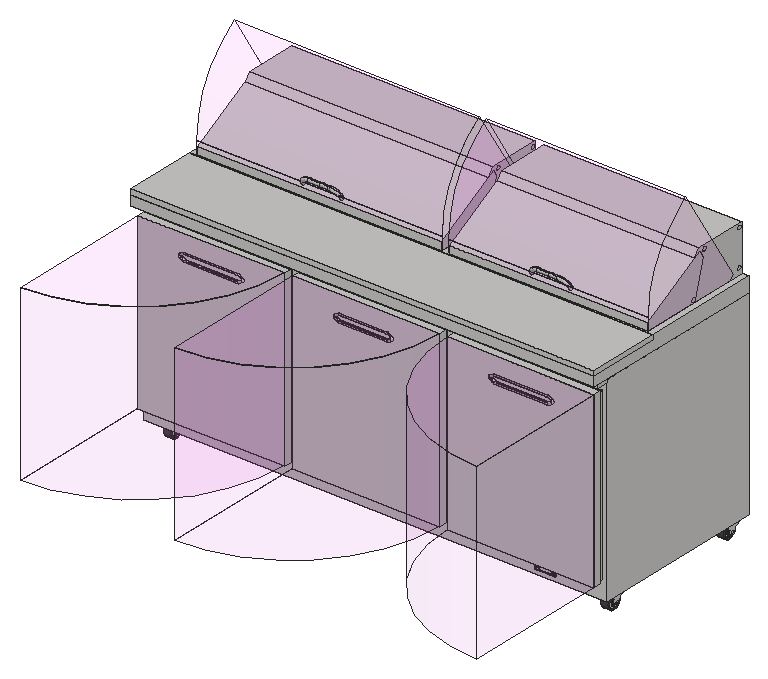
Revit family "QF_Kelvinator_738258_KCHST70.18", category Specialty Equipment, Revit 2021 (continued)
Definition of nested family "KCHST"
  Automatic sketch dimensions
    curve 68 to plane 11 = 0.4585"
    curve 31 to curve 32 = 0"
    curve 106 to curve 62 = 0.84665"
    curve 70 to curve 71 = 0"
    curve 39 to curve 23 = 0.84665"
    curve 23 to curve 22 = 0"
    curve 62 to curve 61 = 0"
    curve 22 to curve 22 = 0.03109"
    curve 72 to curve 71 = 0.03109"
    curve 33 to curve 32 = 0.03109"
    curve 62 to curve 62 = 0.03109"
    curve 58 to curve 64 = 0.02317"
    curve 19 to curve 25 = 0.02317"
    curve 32 to curve 34 = 0.02317"
    curve 57 to curve 73 = 0.02317"
    curve 73 to curve 72 = 0.51496"
    curve 64 to curve 63 = 0.51496"
    curve 25 to curve 24 = 0.51496"
    curve 34 to curve 33 = 0.51496"
    curve 24 to curve 27 = 0.04514"
    curve 63 to curve 66 = 0.04514"
    curve 33 to curve 36 = 0.04514"
    curve 72 to curve 75 = 0.04514"
    curve 35 to curve 37 = 0.02957"
    curve 74 to curve 76 = 0.02957"
    curve 26 to curve 28 = 0.02957"
    curve 65 to curve 67 = 0.02957"
    plane 8 "Center X" to curve 46 = 5.19872"
    plane 8 "Center X" to curve 81 = 5.19872"
    plane 8 "Center X" to curve 94 = 5.19872"
    curve 11 to curve 94 = 0"
    curve 94 to curve 93 = 1/2"
    curve 11 to curve 42 = 1/2"
    curve 81 to curve 80 = 1/2"
    curve 46 to curve 55 = 1/2"
    curve 93 to curve 92 = 0.26393"
    curve 45 to curve 44 = 0.26393"
    curve 77 to curve 89 = 1.325"
    curve 77 to curve 95 = 1.325"
    curve 7 to curve 54 = 1.325"
    curve 41 to curve 95 = 0"
    curve 95 to curve 97 = 0.12625"
    curve 47 to curve 53 = 0.12625"
    curve 12 to curve 14 = 0.16107"
    curve 82 to curve 88 = 0.16107"
    curve 97 to curve 101 = 1/2"
    curve 84 to curve 88 = 1/2"
    curve 14 to curve 15 = 1/2"
    plane 1 "BACK" to curve 91 = 0.76178"
    plane 1 "BACK" to curve 43 = 0.76178"
    plane 1 "BACK" to curve 104 = 0.2966"
    plane 1 "BACK" to curve 87 = 0.26178"
    plane 1 "BACK" to curve 52 = 0.26178"
    plane 1 "BACK" to curve 43 = 0.26178"
    curve 36 to curve 34 = 0"
    curve 6 to plane 11 = 1/4"
    curve 27 to curve 28 = 0"
    curve 38 to plane 11 = 1/4"
    curve 112 to curve 108 = 0"
    curve 75 to curve 73 = 0"
    curve 66 to curve 67 = 0"
    curve 105 to plane 11 = 1/4"
    curve 111 to plane 24 = 0.0259"
    curve 8 to curve 12 = 0.57715"
    curve 78 to curve 82 = 0.57715"
    curve 8 to curve 13 = 0.14464"
    curve 78 to curve 83 = 0.14464"
    curve 78 to curve 96 = 0.14464"
    curve 8 to curve 48 = 0.14464"
    curve 49 to curve 53 = 1/2"
    curve 53 to curve 50 = 0.03482"
    curve 99 to curve 100 = 1/2"
    curve 51 to curve 52 = 0.53482"
    curve 51 to curve 56 = 0.03482"
    curve 99 to curve 104 = 0.03482"
    radius of Extrusion 9 sketch curve = 1/4"
    radius of Extrusion 30 sketch curve = 1/4"
    radius of Extrusion 31 sketch curve = 1/4"
    radius of Extrusion 32 sketch curve = 1/4"
    radius of Extrusion 33 sketch curve = 1/4"
    radius of Extrusion 34 sketch curve = 1/4"
    radius of Extrusion 35 sketch curve = 1/4"
    radius of Extrusion 36 sketch curve = 1/4"
    radius of Extrusion 37 sketch curve = 1/4"
    radius of Sweep 38 sketch curve = 1/4"
    radius of Extrusion 41 sketch curve = 1/4"
    radius of Extrusion 42 sketch curve = 1/4"
    radius of Extrusion 43 sketch curve = 1/4"
    radius of Extrusion 44 sketch curve = 1/4"
    radius of Extrusion 45 sketch curve = 1/4"
    radius of Extrusion 46 sketch curve = 1/4"
    radius of Extrusion 47 sketch curve = 1/4"
    radius of Extrusion 48 sketch curve = 1/4"
    radius of Sweep 49 sketch curve = 1/4"
    radius of Extrusion 50 sketch curve = 1/4"
    radius of Extrusion 51 sketch curve = 1/4"
    radius of Extrusion 52 sketch curve = 1/4"
    radius of Extrusion 53 sketch curve = 1/4"
  Nested families (in)
    nested 1: "3 INCHES 01_CASTER" at (69.732, -24.75, 0), type "3 INCHES 01_CASTER"
      with Type Mark "", Specification by User "", Revision Code "", Item Number "", Installed By "", Identify Quantity as Lot yes, Furnished By "", Foodservice Equipment Identifier yes, 3 Inches Caster yes
    nested 2: "3 INCHES 01_CASTER" at (2, -24.75, 0), type "3 INCHES 01_CASTER"
      with Type Mark "", Specification by User "", Revision Code "", Item Number "", Installed By "", Identify Quantity as Lot yes, Furnished By "", Foodservice Equipment Identifier yes, 3 Inches Caster yes
    nested 3: "3 INCHES 01_CASTER" at (69.732, -2.375, 0), type "3 INCHES 01_CASTER"
      with Type Mark "", Specification by User "", Revision Code "", Item Number "", Installed By "", Identify Quantity as Lot yes, Furnished By "", Foodservice Equipment Identifier yes, 3 Inches Caster yes
    nested 4: "3 INCHES 01_CASTER" at (2, -2.375, 0), type "3 INCHES 01_CASTER"
      with Type Mark "", Specification by User "", Revision Code "", Item Number "", Installed By "", Identify Quantity as Lot yes, Furnished By "", Foodservice Equipment Identifier yes, 3 Inches Caster yes
  Definition of nested family "3 INCHES 01_CASTER"
    Parameters (values of type "3 INCHES 01_CASTER")
      Weight = ""
      URL Manufacturer = ""
      URL Cutsheet = ""
      URL = ""
      Type Mark [instance] = ""
      Specification by User [instance] = ""
      Specification by Manufacturer = ""
      Serial Number = ""
      Seismic Rating = ""
      SMACNA No = ""
      Revision Code [instance] = ""
      Omniclass Number and Title = ""
      NAFEM Spec ID Number = ""
      Model = ""
      MasterSpec. = ""
      Manufacturer = ""
      Item Number [instance] = ""
      Installed By [instance] = ""
      Identify Quantity as Lot [instance] = yes
      Furnished By [instance] = ""
      Foodservice Equipment Identifier [instance] = yes
      Description = ""
      Default Elevation = 0"
      CSI MasterFormat = ""
      CSI Master Format = ""
      Assembly Code = ""
      3 Inches Caster [instance] = yes
    Reference planes (in)
      plane 1: z = 0
      plane 2 "RIGHT": x = 0
      plane 3 "FRONT": y = 0
      plane 4 "TOP": z = 3.1
    Forms (in)
      Revolve 1, solid, visible <- "3 Inches Caster"
        sketch origin (-1.93794, 0.56004, -1.0041) x (1, 0, 0) y (0, 0, 1)
          loop
            line (0.74055, 2.11347) -> (0.74055, 2.03797) -> (0.79055, 1.98797) -> (0.85055, 1.98797) -> (0.85055, 1.8679) -> (1.235, 1.8679) -> (1.235, 1.7068) -> (1.36441, 1.63209) -> (1.4003, 1.41035) -> (1.34375, 1.41035) -> (1.34375, 1.28535) -> (1.375, 1.28535) -> (1.375, 1.0041) -> (2.48438, 1.0041) -> (2.48438, 1.28535) -> (2.51563, 1.28535) -> (2.51563, 1.41035) -> (2.45908, 1.41035) -> (2.49553, 1.6356) -> (2.62438, 1.70999) -> (2.62438, 1.8679) -> (3.04007, 1.8679) -> (3.04007, 1.98797) -> (3.10007, 1.98797) -> (3.15007, 2.03797) -> (3.15007, 2.11347) -> (0.74055, 2.11347)
          axis (0.74055, 2.11347) -> (3.15007, 2.11347)
        angle from 0 to 360
      Extrusion 2, solid, visible <- "3 Inches Caster"
        sketch origin (-1.93794, 1.35294, -3.2541) x (0, 1, 0) y (0, 0, 1)
          loop
            line (-0.41094, 5.86793) -> (-0.41094, 6.01276) -> (-2.29494, 6.01276) -> (-2.29494, 5.71244) -> (-1.82301, 5.71244)
            arc (-1.82301, 5.71244) -> (-1.00307, 5.59865) -> (-0.19592, 5.41488) r 9.6332
            arc (-0.19592, 5.41488) -> (0.12646, 5.29481) -> (0.42224, 5.11916) r 1.92059
            line (0.42224, 5.11916) -> (0.51314, 5.245)
            arc (0.51314, 5.245) -> (0.27353, 5.42569) -> (0.01201, 5.5729) r 2.25036
            line (0.01201, 5.5729) -> (0.09371, 5.71426)
            arc (0.09371, 5.71426) -> (-0.15272, 5.81043) -> (-0.41094, 5.86793) r 1.73151
        from 1.17357 to 2.70231
      Revolve 3, solid, visible <- "3 Inches Caster"
        sketch origin (0, 1.73858, -3.25) x (0, 1, 0) y (0, 0, 1)
          loop
            line (-1.73858, 6.35) -> (-1.73858, 6.00866) -> (-0.93293, 6.00866) -> (-0.93293, 6.35) -> (-1.73858, 6.35)
          axis (-1.73858, 6.00866) -> (-1.73858, 6.35)
        angle from 0 to 360
      Extrusion 4, solid, visible <- "3 Inches Caster"
        sketch origin (-1.98481, 1.35294, -1.7541) x (0, 1, 0) y (0, 0, 1)
          loop
            line (-2.29494, 4.51276) -> (-2.29494, 4.21244) -> (-2.2074, 4.21244)
            arc (-2.2074, 4.21244) -> (-1.58796, 3.87196) -> (-1.3103, 3.22193) r 1.0835
            arc (-1.3103, 3.22193) -> (-1.27304, 2.98711) -> (-1.19616, 2.76214) r 1.38462
            arc (-1.19616, 2.76214) -> (-0.77704, 2.49744) -> (-0.37393, 2.78593) r 0.44401
            arc (-0.37393, 2.78593) -> (-0.35491, 2.84407) -> (-0.34077, 2.90358) r 0.74034
            arc (-0.34077, 2.90358) -> (-0.07302, 3.38916) -> (0.4279, 3.62699) r 0.90376
            line (0.4279, 3.62699) -> (0.51314, 3.745)
            arc (0.51314, 3.745) -> (0.27353, 3.92569) -> (0.01201, 4.0729) r 2.25036
            line (0.01201, 4.0729) -> (0.09371, 4.21426)
            arc (0.09371, 4.21426) -> (-0.15272, 4.31043) -> (-0.41094, 4.36793) r 1.73151
            line (-0.41094, 4.36793) -> (-0.41094, 4.51276) -> (-2.29494, 4.51276)
        from 2.74918 to 2.90825
      Extrusion 5, solid, visible <- "3 Inches Caster"
        sketch origin (1.98481, 1.35294, -1.7541) x (0, 1, 0) y (0, 0, -1)
          loop
            line (-2.29494, -4.51276) -> (-0.41094, -4.51276) -> (-0.41094, -4.36793)
            arc (-0.41094, -4.36793) -> (-0.15272, -4.31043) -> (0.09371, -4.21426) r 1.73151
            line (0.09371, -4.21426) -> (0.01201, -4.0729)
            arc (0.01201, -4.0729) -> (0.27353, -3.92569) -> (0.51314, -3.745) r 2.25036
            line (0.51314, -3.745) -> (0.4279, -3.62699)
            arc (0.4279, -3.62699) -> (-0.07302, -3.38916) -> (-0.34077, -2.90358) r 0.90376
            arc (-0.34077, -2.90358) -> (-0.35491, -2.84407) -> (-0.37393, -2.78593) r 0.74034
            arc (-0.37393, -2.78593) -> (-0.77704, -2.49744) -> (-1.19616, -2.76214) r 0.44401
            arc (-1.19616, -2.76214) -> (-1.27304, -2.98711) -> (-1.3103, -3.22193) r 1.38462
            arc (-1.3103, -3.22193) -> (-1.58796, -3.87196) -> (-2.2074, -4.21244) r 1.0835
            line (-2.2074, -4.21244) -> (-2.29494, -4.21244) -> (-2.29494, -4.51276)
        from 2.74918 to 2.90825
    Cuts and joins
      joined: Extrusion 2, Extrusion 4, Extrusion 5
    Lines and regions (in)
      symbolic lines, visible <- "3 Inches Caster"
        curve 1: line (0.1877, 1.65194, 0) -> (0.89063, 1.2461, 0)
        curve 2: line (-1.00175, -0.40823, 0) -> (0.1877, 1.65194, 0)
        curve 3: line (-0.29881, -0.81407, 0) -> (-1.00175, -0.40823, 0)
        curve 4: line (0.89063, 1.2461, 0) -> (-0.29881, -0.81407, 0)
    Dimensions and locks (in)
      plane 4 "TOP" to level = 3.1"  (x2)
      aligned and locked: level to plane 1
